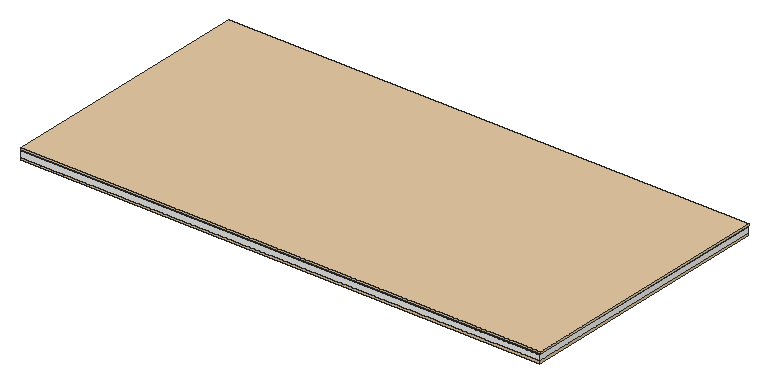
Revit family "Legalett_ISOFORM", category Generic Models, Revit 2023
Family settings
  Can host rebar = No
  Round Connector Dimension = Use Diameter
  Part Type = Normal
  Work Plane-Based = No
  Always vertical = Yes
  Cut with Voids When Loaded = No
  Maintain Annotation Orientation = No
  Shared = No
  Room Calculation Point = No
Parameters (values of type "ISOFORM 50 PW+PW")
  Type Comments = "24000"
  Model = "ISOFORM"
  Manufacturer = "Legalett"
  ISO Tjocklek = 32 mm
  Default Elevation = 0 mm
Types (3, lengths in mm): name | ISO Tjocklek
  (no name) | 32
  ISOFORM 50 PW+PW | 32
  ISOFORM 110 PW+PW | 92
Reference planes
  plane 1 "Center (Front/Back)": y = 0
  plane 2: z = 0
  plane 3 "Center (Left/Right)": x = 0
  plane 4: z = 41
  plane 5: z = 9
  plane 6: z = 50
  plane 7: z = 36.102
  plane 8: z = 0
Forms (mm)
  Extrusion 1, solid, material "Plywood"
    sketch origin (-321.637, 314.755, 0) x (1, 0, 0) y (0, 1, 0)
      loop
        line (-878.363, 285.245) -> (-878.363, -914.755) -> (1521.637, -914.755) -> (1521.637, 285.245) -> (-878.363, 285.245)
    from 0 to 9
  Extrusion 2, solid, material "Plywood"
    sketch origin (-321.297, 314.755, 41) x (1, 0, 0) y (0, 1, 0)
      loop
        line (-878.363, 285.245) -> (-878.363, -914.755) -> (1521.637, -914.755) -> (1521.637, 285.245) -> (-878.363, 285.245)
    from 0 to 9
  Extrusion 3, solid, material "EPS100"
    sketch origin (-324.196, 314.755, 0) x (1, 0, 0) y (0, 1, 0)
      loop
        line (-875.804, 285.245) -> (-875.804, -914.755) -> (1524.196, -914.755) -> (1524.196, 285.245) -> (-875.804, 285.245)
    from 9 to 36.102
  Extrusion 4, solid, material "EPS100"
    sketch origin (-321.637, 314.755, 27) x (1, 0, 0) y (0, 1, 0)
      loop
        line (-848.363, 255.245) -> (-848.363, -884.358) -> (1491.976, -884.358) -> (1491.976, 255.245) -> (-848.363, 255.245)
    from 9.102 to 14
Cuts and joins
  joined: Extrusion 3, Extrusion 4
Dimensions and locks
  locked: cut or joined group of Extrusion 3, Extrusion 4 to cut or joined group of Extrusion 3, Extrusion 4 at 4.898
  "ISO Tjocklek": plane 5 to plane 4
  locked: plane 8 to plane 5 at 9
  locked: plane 4 to plane 6 at 9
  aligned and locked: level to plane 2
  aligned and locked: Extrusion 3 to Extrusion 1
  aligned and locked: Extrusion 4 to Extrusion 3
  aligned and locked: Extrusion 2 to cut or joined group of Extrusion 3, Extrusion 4
  aligned and locked: Extrusion 4 to Extrusion 2
  aligned and locked: Extrusion 2 to plane 6
  aligned and locked: plane 5 to Extrusion 3
  aligned and locked: plane 8 to level
  aligned and locked: plane 4 to Extrusion 2
Automatic sketch dimensions
  plane 1 "Center (Front/Back)" to Extrusion 1 sketch curve = 600 mm
  Extrusion 1 sketch curve to plane 3 "Center (Left/Right)" = 1200 mm
  plane 3 "Center (Left/Right)" to Extrusion 1 sketch curve = 1200 mm
  Extrusion 1 sketch curve to plane 1 "Center (Front/Back)" = 600 mm
  Extrusion 2 sketch curve to plane 3 "Center (Left/Right)" = 1199.661 mm
  plane 1 "Center (Front/Back)" to Extrusion 2 sketch curve = 600 mm
  plane 3 "Center (Left/Right)" to Extrusion 2 sketch curve = 1200.339 mm
  Extrusion 2 sketch curve to plane 1 "Center (Front/Back)" = 600 mm
  plane 1 "Center (Front/Back)" to Extrusion 3 sketch curve = 600 mm
  Extrusion 3 sketch curve to plane 3 "Center (Left/Right)" = 1200 mm
  plane 3 "Center (Left/Right)" to Extrusion 3 sketch curve = 1200 mm
  Extrusion 3 sketch curve to plane 1 "Center (Front/Back)" = 600 mm
  plane 1 "Center (Front/Back)" to Extrusion 4 sketch curve = 569.603 mm
  Extrusion 4 sketch curve to plane 3 "Center (Left/Right)" = 1170 mm
  plane 3 "Center (Left/Right)" to Extrusion 4 sketch curve = 1170.339 mm
  Extrusion 4 sketch curve to plane 1 "Center (Front/Back)" = 570 mm
